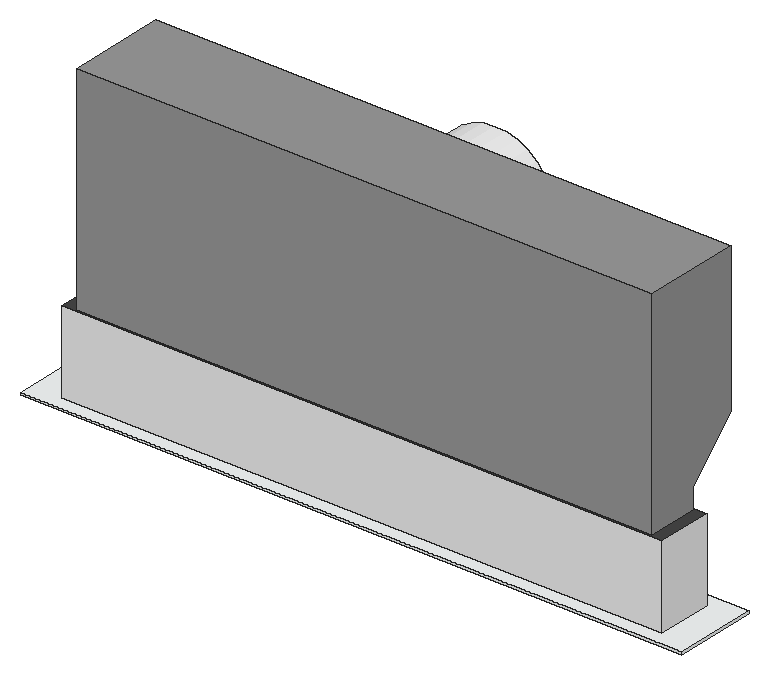
Revit family "HVAC_Ductwork_Airzone_Supply-Linear-Diffuser_DFLI-PX_500mm1", category Air Terminals, Revit 2016
Family settings
  Part Type = Normal
  Round Connector Dimension = Use Diameter
  OmniClass Number = 23.75.70.21
  OmniClass Title = Terminals for Air
  Work Plane-Based = No
  Always vertical = Yes
  Cut with Voids When Loaded = No
  Shared = No
  Room Calculation Point = Yes
Parameters (values of type "INVALID TYPE - Use Load Family and Type Catalog instead")
  c8 = -0.6279  # constant formula
  c7 = 0.02769  # constant formula
  c6 = -5.505  # constant formula
  c5 = 53.51  # constant formula
  c4 = -37.4  # constant formula
  c3 = -87.76  # constant formula
  c2 = -2.073  # constant formula
  c1 = 0.000712  # constant formula
  Velocity [instance] = (Q / (36 * Ak)) * 1.0 m/s  # 17.6367 m/s
  URL = "www.airzone.es"
  Type Image Comments = "Image available in product documentation download"  # constant formula
  Type Comments = ""
  Throw Distance [instance] = round((c7 * (Ak ^ c8) * Q) * 1000) * 1 mm  # 14804 mm
  Sound Level in dBA [instance] = round((c3 + (c4 * log(Ak))) + ((c5 + (c6 * log(Ak))) * log(Q)))  # 62
  Right Cap [instance] = yes
  Revit Model Version = "1.0"  # constant formula
  Q [instance] = (1000 mm / Duct Width) * Flow / 1 m³/h  # 400
  Product Documentation Download URL = "http://doc.airzone.es/BIM/AirQ/Airzone_DFLI.zip"
  Product Comments = "Refer to technical documentation for further details"  # constant formula
  Product Code = "INVALID – Type not loaded via type catalog"
  Pressure Drop [instance] = ((c1 * (Ak ^ c2)) * (Q ^ 2)) * 1.0 Pa  # 296.87 Pa
  Plenum Width = 82.7 mm
  Plenum Material = Metal - AIRZONE - Galvanized Sheet - Semi-polished
  Plenum Length = 479.6 mm
  Plenum Height = 180 mm
  Plenum Center Offset = if(Duct Height > 75 mm, 0 mm, 20 mm)  # 20 mm
  Model = Product Code  # "INVALID – Type not loaded via type catalog"
  Min Flow = 75 m³/h
  Max Flow = 600 m³/h
  Manufacturer = "AIRZONE"  # constant formula
  Main Material = Metal - AIRZONE - Extruded Aluminium - White (RAL 9010)
  Long Description = "Long-range linear diffuser to enable the air supply. 1-4 air outlets. Provided with moving slats, it is designed to be installed in HVAC duct networks. Available in four different models"  # constant formula
  Left Cap [instance] = yes
  Flow [instance] = 200 m³/h
  Fixing = "Fixing bracket. Plenum"  # constant formula
  Finish = "White ( RAL 9010)"
  Effective Area = (Ak / (1000 mm / Duct Width)) * 100.00 cm²  # 31.50 cm²
  Duct Width = 500 mm
  Duct Height = 75 mm
  Duct Diameter = 100 mm
  Duct Connection Top Offset = 19 mm
  Duct Connection Diameter = 97.6 mm
  Disclaimer = "All information provided in this model is reviewed before being published. However, Airzone cannot guarantee this model is error-free, therefore users are strongly encouraged to check for technical documentation and updates"  # constant formula
  Description = "Linear diffuser"  # constant formula
  Compatible Accesories = "Plenum for lineal diffuser (PLEN). Linear diffuser corner (DFLIxSQ)"  # constant formula
  Ak = 0.63
  Accessories Material = Metal - AIRZONE - Aluminium - Satin
Reference planes
  plane 1 "Center (Front/Back)": y = 0
  plane 2: z = 0
  plane 3 "Center (Left/Right)": x = 0
  plane 4 "Plenum Bottom": z = 68.7
  plane 5 "Plenum Center (Front/Back)": y = 20
Dimensions and locks
  locked: plane 4 "Plenum Bottom" to level at 68.7
  "Plenum Center Offset": plane 1 "Center (Front/Back)" to plane 5 "Plenum Center (Front/Back)"
  aligned and locked: level to plane 2
  aligned and locked: plane 3 "Center (Left/Right)" to nested 1
  aligned and locked: plane 1 "Center (Front/Back)" to nested 1
  aligned and locked: plane 3 "Center (Left/Right)" to nested 2
  aligned and locked: nested 2 to plane 5 "Plenum Center (Front/Back)"
Nested families
  nested 1: "DFLI_Diffuser" at (0, 0, 0), Main Material <- "Main Material", Accessories Material <- "Accessories Material", Duct Height <- "Duct Height", Duct Width <- "Duct Width", Left Cap <- "Left Cap", Right Cap <- "Right Cap", type "Standard"
    with Slats Width 47 mm, Slats Length 500 mm, Slats Height 68.7 mm, Right Cap Length 26 mm, Right Cap yes, Outlet Single Visibility yes, Outlet Group Visibility no, Main Material Metal - AIRZONE - Extruded Aluminium - White (RAL 9010), Left Cap Length 26 mm, Left Cap yes, Duct Width 500 mm, Duct Height 75 mm, Actual Number of Outlets 2, Accessories Material Metal - AIRZONE - Aluminium - Satin
  nested 2: "DFLI_Plenum_500mm" at (0, 20, 68.7), Main Material <- "Plenum Material", Accessories Material <- "Accessories Material", Duct Connection Top Offset <- "Duct Connection Top Offset", Duct Diameter <- "Duct Diameter", Height <- "Plenum Height", Duct Connection Diameter <- "Duct Connection Diameter", Length <- "Plenum Length", Width <- "Plenum Width", type "Standard"
    with Width 82.7 mm, Void.Extrusion 484.6 mm, Main Material Metal - AIRZONE - Galvanized Sheet - Semi-polished, Length 479.6 mm, Height 180 mm, Duct Diameter 100 mm, Duct Connection Top Offset 19 mm, Duct Connection Diameter 97.6 mm, Accessories Material Metal - AIRZONE - Aluminium - Satin
Connectors
  hvac at (0, 115.55, 180.9), driven by "Pressure Drop", driven by "Flow", driven by "Duct Diameter"
    settings: on nested 2, index 1, duct flow 200 m³/h, flow factor 0, pres drop 296.87 Pa, loss coef 0, conn angle 0.00°, conn width 304.8 mm, conn height 304.8 mm, conn diameter 100 mm, duct sys type 1, conn prof type 0, flow config 1, flow direction 1, loss method 4, conn ref index -1, conn util no, is conn primary yes, conn desc "Supply Air"
Definition of nested family "DFLI_Diffuser"
  Parameters (values of type "Standard")
    URL = "www.airzone.es"
    Type Comments = ""
    Slats Width [instance] = if(Duct Height < 110 mm, 47 mm, if(Duct Height < 150 mm, 85.3 mm, if(Duct Height < 200 mm, 123.3 mm, 161.9 mm)))  # 161.9 mm
    Slats Length [instance] = Duct Width  # 1000 mm
    Slats Height [instance] = 68.7 mm  # constant formula
    Right Cap Length [instance] = if(Right Cap, 26 mm, 0 mm)  # 26 mm
    Right Cap [instance] = yes
    Revit Model Version = "1.0"  # constant formula
    Revit Model Author URL = "www.a3d.es"
    Revit Model Author = "A3D Consulting"  # constant formula
    Outlet Single Visibility [instance] = not(Slats Width > 47 mm)  # no
    Outlet Group Visibility [instance] = Slats Width > 47 mm  # yes
    Min Flow = 150 m³/h
    Max Flow = 300 m³/h
    Manufacturer = "AIRZONE"  # constant formula
    Main Material [instance] = none
    Left Cap Length [instance] = if(Left Cap, 26 mm, 0 mm)  # 26 mm
    Left Cap [instance] = yes
    Duct Width [instance] = 1000 mm
    Duct Height [instance] = 200 mm
    Disclaimer = "All information provided in this model is reviewed before being published. However, Airzone cannot guarantee this model is error-free, therefore users are strongly encouraged to check for technical documentation and updates"  # constant formula
    Actual Number of Outlets [instance] = if(not(Slats Width > 85.3 mm), 2, if(not(Slats Width > 123.6 mm), 3, 4))  # 4
    Accessories Material [instance] = none
  Reference planes
    plane 1 "Center (Front/Back)": y = 0
    plane 2: z = 0
    plane 3 "Center (Left/Right)": x = 0
    plane 4 "Left": x = -526
    plane 5 "Right": x = 526
    plane 6 "Front": y = -91.95
    plane 7 "Back": y = 91.95
    plane 8 "Inner Left": x = -500
    plane 9 "Inner Right": x = 500
    plane 10 "Inner Back": y = 80.95
    plane 11 "Inner Front": y = -80.95
    plane 12 "First Outlet": y = -56.95
    plane 13 "Last Outlet": y = 56.95
  Forms (mm)
    Extrusion 1, solid, material <- "Main Material"
      sketch origin (0, 0, 0) x (1, 0, 0) y (0, 1, 0)
        loop
          line (-526, 91.95) -> (-526, -91.95) -> (526, -91.95) -> (526, 91.95) -> (-526, 91.95)
      from -2 to 0
    Extrusion 2, solid, material <- "Accessories Material"
      sketch origin (0, 0, 0) x (1, 0, 0) y (0, 1, 0)
        loop
          line (-500, 80.95) -> (-500, -80.95) -> (500, -80.95) -> (500, 80.95) -> (-500, 80.95)
      from 0 to 68.7 <- "Slats Height"
    Extrusion 3, void
      sketch origin (0, 0, 0) x (1, 0, 0) y (0, 1, 0)
        loop
          line (526, 96.95) -> (526, -96.95) -> (550, -96.95) -> (550, 96.95) -> (526, 96.95)
      from -3 to 1
    Extrusion 4, void
      sketch origin (0, 0, 0) x (1, 0, 0) y (0, 1, 0)
        loop
          line (-550, 96.95) -> (-550, -96.95) -> (-526, -96.95) -> (-526, 96.95) -> (-550, 96.95)
      from -3 to 1
  Cuts and joins
    Extrusion 3, Extrusion 4 cuts Extrusion 1
  Dimensions and locks
    equal spacing: plane 10 "Inner Back", plane 1 "Center (Front/Back)", plane 11 "Inner Front"
    "Slats Width": plane 10 "Inner Back" to plane 11 "Inner Front"
    equal spacing: plane 8 "Inner Left", plane 3 "Center (Left/Right)", plane 9 "Inner Right"
    "Slats Length": plane 8 "Inner Left" to plane 9 "Inner Right"
    locked: plane 4 "Left" to plane 8 "Inner Left" at 26
    locked: plane 9 "Inner Right" to plane 5 "Right" at 26
    locked: plane 7 "Back" to plane 10 "Inner Back" at 11
    locked: plane 11 "Inner Front" to plane 6 "Front" at 11
    equal spacing: group 1, group 3, group 4, group 2  (x3)
    locked: plane 7 "Back" to plane 13 "Last Outlet" at 35
    locked: plane 12 "First Outlet" to plane 6 "Front" at 35
    locked: plane 6 "Front" to Extrusion 3 sketch curve at 5
    locked: Extrusion 3 sketch curve to plane 7 "Back" at 5
    locked: plane 9 "Inner Right" to Extrusion 3 sketch curve at 50
    "Right Cap Length": plane 9 "Inner Right" to Extrusion 3 sketch curve
    locked: plane 6 "Front" to Extrusion 4 sketch curve at 5
    locked: Extrusion 4 sketch curve to plane 7 "Back" at 5
    locked: Extrusion 4 sketch curve to plane 8 "Inner Left" at 50
    "Left Cap Length": Extrusion 4 sketch curve to plane 8 "Inner Left"
    aligned and locked: level to plane 2
    aligned and locked: plane 4 "Left" to Extrusion 1 sketch curve
    aligned and locked: Extrusion 1 sketch curve to plane 7 "Back"
    aligned and locked: Extrusion 1 sketch curve to plane 5 "Right"
    aligned and locked: plane 6 "Front" to Extrusion 1 sketch curve
    aligned and locked: Extrusion 2 sketch curve to plane 8 "Inner Left"
    aligned and locked: Extrusion 2 sketch curve to plane 10 "Inner Back"
    aligned and locked: plane 9 "Inner Right" to Extrusion 2 sketch curve
    aligned and locked: plane 11 "Inner Front" to Extrusion 2 sketch curve
    aligned and locked: plane 3 "Center (Left/Right)" to nested 1
    aligned and locked: nested 1 to plane 12 "First Outlet"
    aligned and locked: plane 13 "Last Outlet" to nested 2
    aligned and locked: plane 3 "Center (Left/Right)" to nested 5
    aligned and locked: nested 5 to plane 12 "First Outlet"
  Nested families
    nested 1: "DFLI_Outlet" at (0, -56.95, -2), Length <- "Slats Length", visible <- "Outlet Group Visibility", type "Standard"
      with Length 1000 mm
    nested 2: "DFLI_Outlet" at (0, 56.95, -2), Length <- "Slats Length", visible <- "Outlet Group Visibility", type "Standard"
      with Length 1000 mm
    nested 3: "DFLI_Outlet" at (0, -18.983, -2), Length <- "Slats Length", visible <- "Outlet Group Visibility", type "Standard"
      with Length 1000 mm
    nested 4: "DFLI_Outlet" at (0, 18.983, -2), Length <- "Slats Length", visible <- "Outlet Group Visibility", type "Standard"
      with Length 1000 mm
    nested 5: "DFLI_Outlet" at (0, -56.95, -2), visible <- "Outlet Single Visibility", Length <- "Slats Length", type "Standard"
      with Length 1000 mm
  Definition of nested family "DFLI_Outlet"
    Parameters (values of type "Standard")
      URL = "www.airzone.es"
      Type Comments = ""
      Revit Model Version = "1.0"  # constant formula
      Revit Model Author URL = "www.a3d.es"
      Revit Model Author = "A3D Consulting"  # constant formula
      Min Flow = 0 m³/h
      Max Flow = 0 m³/h
      Manufacturer = "AIRZONE"  # constant formula
      Length [instance] = 179 mm
      Default Elevation = 0 mm
    Reference planes
      plane 1 "Center (Front/Back)": y = 0
      plane 2: z = 0
      plane 3 "Center (Left/Right)": x = 0
      plane 4 "Left": x = -89.5
      plane 5 "Right": x = 89.5
    Forms (mm)
      Extrusion 1, solid, detail levels fine
        sketch origin (0, 0, 0) x (1, 0, 0) y (0, 1, 0)
          loop
            line (-89.5, -8.5) -> (89.5, -8.5) -> (89.5, 8.5) -> (-89.5, 8.5) -> (-89.5, -8.5)
        from -1 to 0
    Lines and regions (mm)
      model lines, detail levels medium
        curve 1: line (89.5, 0, 0) -> (-89.5, 0, 0)
      symbolic lines, detail levels medium
        curve 2: line (-89.5, 0, 0) -> (89.5, 0, 0)
      symbolic lines, detail levels fine
        curve 3: line (-89.5, 8.5, 0) -> (89.5, 8.5, 0)
        curve 4: line (89.5, 8.5, 0) -> (89.5, -8.5, 0)
        curve 5: line (89.5, -8.5, 0) -> (-89.5, -8.5, 0)
        curve 6: line (-89.5, -8.5, 0) -> (-89.5, 8.5, 0)
    Dimensions and locks
      equal spacing: plane 4 "Left", plane 3 "Center (Left/Right)", plane 5 "Right"
      "Length": plane 4 "Left" to plane 5 "Right"
      equal spacing: curve 5, plane 1 "Center (Front/Back)", curve 3
      locked: curve 5 to curve 3 at 17
      equal spacing: Extrusion 1 sketch curve, plane 1 "Center (Front/Back)", Extrusion 1 sketch curve
      locked: Extrusion 1 sketch curve to Extrusion 1 sketch curve at 17
      aligned and locked: level to plane 2
      aligned and locked: plane 1 "Center (Front/Back)" to curve 2
      aligned and locked: curve 1 to plane 1 "Center (Front/Back)"
      aligned and locked: plane 4 "Left" to curve 6
      aligned and locked: plane 5 "Right" to curve 4
      aligned and locked: Extrusion 1 sketch curve to plane 4 "Left"
      aligned and locked: Extrusion 1 sketch curve to plane 5 "Right"
Definition of nested family "DFLI_Plenum_500mm"
  Parameters (values of type "Standard")
    Width [instance] = 82.7 mm
    Void.Extrusion [instance] = if(Duct Diameter = 100 mm, Length + 5 mm, 2 mm)  # 484.6 mm
    URL = "www.airzone.es"
    Type Comments = ""
    Revit Model Version = "1.0"  # constant formula
    Revit Model Author URL = "www.a3d.es"
    Revit Model Author = "A3D Consulting"  # constant formula
    Manufacturer = "AIRZONE"  # constant formula
    Main Material [instance] = none
    Length [instance] = 479.6 mm
    Duct Diameter [instance] = 100 mm
    Duct Connection Top Offset [instance] = 19 mm
    Duct Connection Diameter [instance] = 97.6 mm
    Height [instance] = 180 mm
    Disclaimer = "All information provided in this model is reviewed before being published. However, Airzone cannot guarantee this model is error-free, therefore users are strongly encouraged to check for technical documentation and updates"  # constant formula
    Default Elevation = 0 mm
    Accessories Material [instance] = none
  Reference planes
    plane 1 "Center (Front/Back)": y = 0
    plane 2 "Bottom": z = 0
    plane 3 "Center (Left/Right)": x = 0
    plane 4 "Left": x = -239.8
    plane 5 "Right": x = 239.8
    plane 6 "Front": y = -41.35
    plane 7 "Back": y = 41.35
    plane 8 "Top": z = 180
    plane 9: y = 1.45
    plane 10: z = 16.29
    plane 11: z = 55.75
    plane 12 "Void.Aux": x = -244.8
    plane 13 "Inlet-Outlet Top": z = 161
    plane 14 "Inlet-Outlet Bottom": z = 63.4
    plane 15 "Inlet-Outlet Center (Top/Bottom)": z = 112.2
  Forms (mm)
    Extrusion 1, solid, material <- "Main Material"
      sketch origin (0, 0, 0) x (1, 0, 0) y (0, 1, 0)
        loop
          line (-239.8, 41.35) -> (-239.8, -41.35) -> (239.8, -41.35) -> (239.8, 41.35) -> (-239.8, 41.35)
      from 0 to 180 <- "Height"
    Extrusion 2, solid, material <- "Accessories Material"
      sketch origin (0, 41.35, 0) x (-1, 0, 0) y (0, 0, 1)
        loop
          circle (0, 112.2) r 48.8
      from 0 to 54.2
    Extrusion 3, void
      sketch origin (-244.8, 0, 0) x (0, 1, 0) y (0, 0, 1)
        loop
          line (41.35, 0) -> (41.35, 55.75) -> (1.45, 16.29) -> (1.45, 0) -> (41.35, 0)
      from 0 to 484.6 <- "Void.Extrusion"
  Cuts and joins
    Extrusion 3 cuts Extrusion 1
  Dimensions and locks
    equal spacing: plane 4 "Left", plane 3 "Center (Left/Right)", plane 5 "Right"
    "Length": plane 4 "Left" to plane 5 "Right"
    equal spacing: plane 6 "Front", plane 1 "Center (Front/Back)", plane 7 "Back"
    "Width": plane 6 "Front" to plane 7 "Back"
    "Height": plane 8 "Top" to level
    locked: plane 9 to plane 6 "Front" at 42.8
    locked: plane 10 to level at 16.29
    locked: plane 11 to level at 55.75
    locked: plane 12 "Void.Aux" to plane 4 "Left" at 5
    "Duct Connection Top Offset": plane 8 "Top" to plane 13 "Inlet-Outlet Top"
    "Duct Connection Diameter": plane 13 "Inlet-Outlet Top" to plane 14 "Inlet-Outlet Bottom"
    equal spacing: plane 13 "Inlet-Outlet Top", plane 15 "Inlet-Outlet Center (Top/Bottom)", plane 14 "Inlet-Outlet Bottom"
    "Duct Connection Diameter": diameter of Extrusion 2 sketch curve
    aligned and locked: level to plane 2 "Bottom"
    aligned and locked: Extrusion 1 sketch curve to plane 7 "Back"
    aligned and locked: Extrusion 1 sketch curve to plane 5 "Right"
    aligned and locked: plane 6 "Front" to Extrusion 1 sketch curve
    aligned and locked: Extrusion 1 sketch curve to plane 4 "Left"
    aligned and locked: Extrusion 2 sketch curve to plane 3 "Center (Left/Right)"
    aligned and locked: level to Extrusion 3 sketch curve
    aligned and locked: Extrusion 3 sketch curve to plane 9
    aligned and locked: plane 7 "Back" to Extrusion 3 sketch curve
    aligned and locked: plane 11 to Extrusion 3 sketch curve
    aligned and locked: plane 10 to Extrusion 3 sketch curve
    aligned and locked: plane 15 "Inlet-Outlet Center (Top/Bottom)" to Extrusion 2 sketch curve
